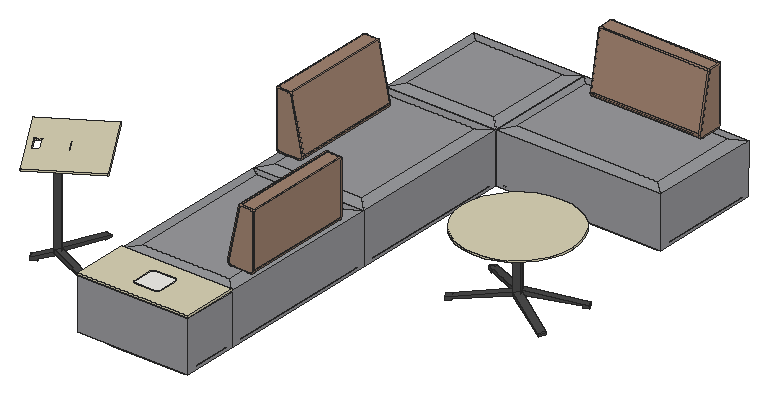
Revit family "System_Furniture-Teknion-Typical-DNA-Open_02", category Furniture Systems, Revit 2013
Parameters (values of type "DNA Open 2")
  URL = "http://teknion.com/"
  Product Page URL = "http://teknionplanningtool.com/"
  Product Line = "DNA"  # constant formula
  Model = "Open 02"  # constant formula
  Manufacturer Phone Number = "416-661-3370"  # constant formula
  Manufacturer Fax = "416.661.4586"  # constant formula
  Manufacturer Address = "1150 Flint Road, Toronto, ON. M3J 2J5. Canada"  # constant formula
  Manufacturer = "Teknion"  # constant formula
  Environmental Data = "http://www.teknion.com/about-teknion/environment/datasheets.asp"
  Description = "DNA Planning Style - Open 02"  # constant formula
  Contact Info = "http://www.teknion.com/contact/contactus.asp"
  Assembly Code = "E2020200"
  Additional Finishes = "http://www.teknion.com/fabrics-finishes/list/ff_main.html"
Reference planes (in)
  plane 1 "Center Front/Back": y = 0
  plane 2: z = 0
  plane 3 "Center Left/Right": x = 0
Dimensions and locks (in)
  aligned and locked: level to plane 2
Nested families (in)
  nested 1: "Bench-Teknion-DNA_Seat_Bench_with_Bolster" at (19.5, 13, 0), type "DNA Bench with Bolster"
    with Bolster Right no, Bolster Location 0' - 6 1/2", Bolster Left no, Bolster Center yes
  nested 2: "Table-Teknion-DNA_Laptop_Table" at (-48.36693, -65.28434, 0) x (-0.5299, 0.848, 0) z (0, 0, 1), type "DNA Freestanding Laptop"
  nested 3: "Table-Teknion-DNA_Freestanding_Coffee_Table" at (26.00223, -25.99777, 0), type "Freestanding Round Coffee Table"
  nested 4: "Seat-Teknion-DNA_SQ_Seat" at (-13, 13, 0), type "DNA SQ Seat - Bench"
  nested 5: "Bench-Teknion-DNA_Seat_Bench_with_Bolster" at (-13, -58.5, 0) x (0, -1, 0) z (0, 0, 1), type "DNA Bench with Bolster"
    with Bolster Right no, Bolster Location 0' - 6 1/2", Bolster Left no, Bolster Center yes
  nested 6: "Bench-Teknion-DNA_Seat_Bench_with_Bolster" at (-13, -19.5, 0) x (0, 1, 0) z (0, 0, 1), type "DNA Bench with Bolster"
    with Bolster Right no, Bolster Location 0' - 6 1/2", Bolster Left no, Bolster Center yes
  nested 7: "Table-Teknion-DNA_Add-On_Side_Table" at (-13, -84.5, 0) x (0, 1, 0) z (0, 0, 1), type "Add-On Side Table with Module"
Definition of nested family "Bench-Teknion-DNA_Seat_Bench_with_Bolster"
  Parameters (values of type "DNA Bench")
    Width = 3' - 3"
    Warranty = ""
    Seat Upholstery = Fabric - Teknion - S610 - Saturate Quarry
    URL = "www.teknion.com"
    Product Page URL = "http://www.teknion.com/products/seating_tables_dna/default.asp?text=2&country=us&product=dna&section=seating&subsection=soft"
    Product Name = "DNA"  # constant formula
    Product Documentation Link = "http://www.teknion.com/pricing/seating/pdfs/Teknion_dna_ppg.pdf"
    Model = if(Bolster, "NDNB", "NDNA")  # "NDNA"
    Material = ""
    Manufacturer Phone Number = ""
    Manufacturer Fax = ""
    Manufacturer Contact Information = ""
    Manufacturer Address = "1150 Flint Road, Toronto, ON. M3J 2J5. Canada"  # constant formula
    Manufacturer = "Teknion"  # constant formula
    Keynote = "125000"
    Height = 1' - 4 1/2"  # constant formula
    Environmental Data = ""
    Description = "Bench"  # constant formula
    Depth = 2' - 2"  # constant formula
    Bolster Upholstery = Fabric - Teknion - E504 - Fundamentals
    Bolster Right [instance] = no
    Bolster Location [instance] = if(Bolster Right, 0' 0", if(Bolster Left, 1' 1", if(Bolster Center, 0' 6 1/2", 0' 0")))  # 0' - 6 1/2"
    Bolster Left [instance] = no
    Bolster Center [instance] = yes
    Bolster = no
    Base Material = Paint - Teknion - 52 - Ebony
    Base Height = 0' - 4"
    Assembly Code = "E2020200"
  Types (3): name | Warranty | Model | Manufacturer Phone Number | Manufacturer Fax | Manufacturer Contact Information | Environmental Data | Bolster | Base Material
    (no name) | "" | "NDNA" | "" | "" | "" | "" | no | Paint - Teknion - 52 - Ebony
    DNA Bench | "" | "NDNA" | "" | "" | "" | "" | no | Paint - Teknion - 52 - Ebony
    DNA Bench with Bolster | "http://www.teknion.com/legal/warranty.pdf" | "NDNB" | "416-661-3370" | "416.661.4586" | "http://www.teknion.com/contact/contactus.asp" | "http://www.teknion.com/about-teknion/environment/datasheets.asp" | yes | none
  Reference planes (in)
    plane 1 "Center (Front/Back)": y = 0
    plane 2: z = 0
    plane 3 "Center (Left/Right)": x = 0
    plane 4: x = -19.5
    plane 5: x = 19.5
    plane 6: z = 4
    plane 7: z = 16.5
    plane 8: y = 13
    plane 9: y = -13
    plane 10: x = -6.79751
    plane 11: z = 0.5
    plane 12: x = 13
  Forms (in)
    Extrusion 1, solid, material "Paint - Teknion - 52 - Ebony" <- "Base Material"
      sketch origin (0, 0, 0) x (1, 0, 0) y (0, 1, 0)
        loop
          circle (-13, 6.5) r 1
        loop
          circle (13, 6.5) r 1
        loop
          circle (13, -6.50991) r 1
        loop
          circle (-13, -6.50991) r 1
      from 0 to 0.5
    Sweep 2, solid, material "Fabric - Teknion - S610 - Saturate Quarry" <- "Seat Upholstery"
      path origin (-44.2712, -180, 16.5) x (-1, 0, 0) y (0, -1, 0)
        loop
          line (-24.7712, -193) -> (-24.7712, -167) -> (-63.7712, -167) -> (-63.7712, -193) -> (-24.7712, -193)
      profile origin (0, 13, 16.5) x (0, 1, 0) y (0, 0, 1)
        loop
          line (-2.74891, 0) -> (-3, 0) -> (-3, -12.5) -> (0, -12.5) -> (0, -0.4998) -> (-2.74891, 0)
    Extrusion 3, solid, material "Fabric - Teknion - S610 - Saturate Quarry" <- "Seat Upholstery"
      sketch origin (0, 0, 0) x (1, 0, 0) y (0, 1, 0)
        loop
          line (-16.49778, 10) -> (-16.49778, -9.99891) -> (16.49891, -9.99891) -> (16.49891, 10) -> (-16.49778, 10)
      from 4 to 16.5
    SweptBlend 4, solid, material "Paint - Teknion - 52 - Ebony" <- "Base Material"
      path origin (0, 0, 0) x (1, 0, 0) y (0, 0, 1)
        loop
          line (0, 4) -> (0, 0.5)
      profile origin (0, 0, 4) x (0, -1, 0) y (1, 0, 0)
        loop
          line (-12.125, -18.625) -> (12.125, -18.625) -> (12.125, 18.625) -> (-12.125, 18.625) -> (-12.125, -18.625)
      end profile origin (0, 0, 0.5) x (0, -1, 0) y (1, 0, 0)
        loop
          line (-8.25, -14.75) -> (8.25991, -14.75) -> (8.25991, 14.75) -> (-8.25, 14.75) -> (-8.25, -14.75)
  Cuts and joins
    joined: Sweep 2, Extrusion 3
  Lines and regions (in)
    Masking region 1
      outline origin (0, 0, 0) x (1, 0, 0) y (0, 1, 0)
        loop
          line (-19.5, 13) -> (-19.5, -13) -> (19.5, -13) -> (19.5, 13) -> (-19.5, 13)
    Masking region 2, visible <- "Bolster"
      outline origin (0, 0, 0) x (1, 0, 0) y (0, 1, 0)
        loop
          line (-13, 12.75139) -> (-13, 6.96199) -> (13, 6.96199) -> (13, 12.75139) -> (-13, 12.75139)
  Dimensions and locks (in)
    equal spacing: plane 4, plane 3 "Center (Left/Right)", plane 5
    "Width": plane 4 to plane 5
    "Height": plane 7 to level
    equal spacing: plane 8, plane 1 "Center (Front/Back)", plane 9, locked at 13 each
    "Depth": plane 8 to plane 9
    plane 6 to plane 11 to plane 2 = 0' - 3 1/2" locked, 0' - 0 1/2" locked
    locked: plane 7 to Sweep 2 sketch curve at 0.4998
    plane 8 to Sweep 2 sketch curve to Sweep 2 sketch curve = 0' - 2.74891" locked, 0' - 0.25109" locked
    locked: Extrusion 3 sketch curve to plane 5 at 3.00109
    locked: plane 4 to Extrusion 3 sketch curve at 3.00222
    locked: plane 8 to Extrusion 3 sketch curve at 3
    locked: Extrusion 3 sketch curve to plane 9 at 3.00109
    Extrusion 1 sketch curve to Extrusion 1 sketch curve to plane 3 "Center (Left/Right)" to Extrusion 1 sketch curve to Extrusion 1 sketch curve = 0' - 0" locked, 1' - 1" locked, 1' - 1" locked, 0' - 0" locked
    Extrusion 1 sketch curve to Extrusion 1 sketch curve to plane 1 "Center (Front/Back)" to Extrusion 1 sketch curve to Extrusion 1 sketch curve = 0' - 0" locked, 0' - 6.50991" locked, 0' - 6 1/2" locked, 0' - 0" locked
    locked: SweptBlend 4 sketch curve to plane 9 at 0.875
    locked: plane 8 to SweptBlend 4 sketch curve at 0.875
    locked: plane 8 to SweptBlend 4 sketch curve at 4.75
    locked: SweptBlend 4 sketch curve to plane 9 at 4.74009
    "Bolster Location": plane 5 to plane 12
    plane 8 to Masking region 2 sketch curve to Masking region 2 sketch curve = 0' - 0.24861" locked, 0' - 5.78939" locked
    locked: Masking region 2 sketch curve to plane 12 at 26
    aligned and locked: plane 8 to Sweep 2 sketch curve
    aligned and locked: Sweep 2 sketch curve to plane 6
    aligned and locked: plane 7 to Extrusion 3
    aligned and locked: Extrusion 3 to plane 6
    aligned and locked: Extrusion 1 to plane 11
    aligned and locked: Extrusion 1 to plane 2
    aligned and locked: plane 11 to SweptBlend 4 sketch curve
    aligned and locked: plane 6 to SweptBlend 4 sketch curve
    aligned and locked: Masking region 1 sketch curve to cut or joined group of Sweep 2, Extrusion 3  (x4)
    aligned and locked: plane 7 to nested 1
    aligned and locked: nested 1 to plane 8
    aligned and locked: nested 1 to plane 12
    aligned and locked: Sweep 2 sketch curve to plane 5
    aligned and locked: plane 4 to Sweep 2 sketch curve
    aligned and locked: Sweep 2 sketch curve to plane 8
    aligned and locked: plane 9 to Sweep 2 sketch curve
    aligned and locked: SweptBlend 4 sketch curve to plane 3 "Center (Left/Right)"
    aligned and locked: plane 12 to Masking region 2 sketch curve
  Automatic sketch dimensions
    Sweep 2 sketch curve to plane 7 = 0' - 0"
    SweptBlend 4 sketch curve to profile plane = 1' - 6 5/8"
    SweptBlend 4 sketch curve to profile plane = 1' - 2 3/4"
    profile plane to SweptBlend 4 sketch curve = 1' - 6 5/8"
    profile plane to SweptBlend 4 sketch curve = 1' - 2 3/4"
    radius of Extrusion 1 sketch curve = 0' - 1"  (x4)
  Nested families (in)
    nested 1: "DNA Bolster" at (0, 13, 16.5), Bolster <- "Bolster", type "Bolster"
      with Bolster no
Definition of nested family "Table-Teknion-DNA_Laptop_Table"
  Parameters (values of type "DNA Freestanding Laptop")
    Width = 1' - 7.68504"
    Warranty = "http://www.teknion.com/legal/warranty.pdf"
    URL = "www.teknion.com"
    Type Comments = "DNA Table"
    Table Top Material = Flintwood - Teknion - FX - Flax
    Product Page URL = "http://www.teknion.com/products/seating_tables_dna/default.asp?text=3&country=us&product=dna&section=tables&subsection=casual"
    Product Name = "DNA"
    Product Documentation Link = "http://www.teknion.com/products/brochures/dna_ENG.pdf"
    Model = "NDNL"
    Material = ""
    Manufacturer Phone Number = "416-661-3370"  # constant formula
    Manufacturer Fax = "416.661.4586"  # constant formula
    Manufacturer Contact Information = "http://www.teknion.com/contact/contactus.asp"
    Manufacturer Address = "1150 Flint Road, Toronto, ON. M3J 2J5. Canada"  # constant formula
    Manufacturer = "Teknion"  # constant formula
    Keynote = "125000"
    Height = 2' - 0.34325"
    Foot Finish = Paint - Teknion - 52 - Ebony
    Environmental Data = "http://www.teknion.com/about-teknion/environment/datasheets.asp"
    Description = "DNA Freestanding Laptop"  # constant formula
    Depth = 1' - 4 125/256"
    Assembly Code = "E2020200"
  Reference planes (in)
    plane 1 "Center (Front/Back)": y = 0
    plane 2: z = 0
    plane 3 "Center (Left/Right)": x = 0
    plane 4: x = -9.84252
    plane 5: x = 9.84252
    plane 6 "Back": y = 8.24414
    plane 7 "Front": y = -8.24414
    plane 8: y = 7.10241
    plane 9: y = 5.44887
    plane 10: x = -2.01756
    plane 11 "Top": z = 24.33158
    plane 12: z = 23.63913
    plane 13: z = 23.95658
  Lines and regions (in)
    Masking region 1
      outline origin (0, 0, -0.01167) x (1, 0, 0) y (0, 1, 0)
        loop
          line (-9.84252, 8.24414) -> (-9.84252, -8.24414) -> (9.84252, -8.24414) -> (9.84252, 8.24414) -> (-9.84252, 8.24414)
        loop
          arc (-1.72819, 7.10241) -> (-1.93281, 7.01765) -> (-2.01756, 6.81304) r 0.28937
          line (-2.01756, 6.81304) -> (-2.01756, 5.73824)
          arc (-2.01756, 5.73824) -> (-1.9328, 5.53362) -> (-1.72819, 5.44887) r 0.28937
          line (-1.72819, 5.44887) -> (1.70882, 5.44887)
          arc (1.70882, 5.44887) -> (1.91343, 5.53362) -> (1.99819, 5.73824) r 0.28937
          line (1.99819, 5.73824) -> (1.99819, 6.81304)
          arc (1.99819, 6.81304) -> (1.91343, 7.01765) -> (1.70882, 7.10241) r 0.28937
          line (1.70882, 7.10241) -> (-1.72819, 7.10241)
    Masking region 2, detail levels fine
      outline origin (0, 0, -0.01167) x (1, 0, 0) y (0, 1, 0)
        loop
          line (-9.84252, -4.51686) -> (-10.74523, -5.28054) -> (-9.84252, -6.34759) -> (-9.84252, -4.51686)
        loop
          line (9.84252, -4.51686) -> (9.84252, -6.34759) -> (10.74523, -5.28054) -> (9.84252, -4.51686)
  Dimensions and locks (in)
    "Width": plane 4 to plane 5
    equal spacing: plane 4, plane 3 "Center (Left/Right)", plane 5, locked at 9.84252 each
    "Depth": plane 6 "Back" to plane 7 "Front"
    equal spacing: plane 6 "Back", plane 1 "Center (Front/Back)", plane 7 "Front", locked at 8.24414 each
    locked: plane 6 "Back" to plane 8 at 1.14173
    locked: plane 8 to plane 9 at 1.65354
    locked: plane 4 to plane 10 at 7.82496
    "Height": plane 11 "Top" to level
    locked: plane 11 "Top" to plane 13 at 0.375
    locked: plane 13 to plane 12 at 0.31745
    aligned: plane 1 "Center (Front/Back)" to nested 1
    aligned and locked: plane 3 "Center (Left/Right)" to nested 1
    aligned and locked: plane 4 to nested 1
    aligned and locked: plane 5 to nested 1
    aligned and locked: plane 6 "Back" to nested 1
    aligned: plane 7 "Front" to nested 1
    aligned and locked: plane 8 to nested 1
    aligned and locked: plane 10 to nested 1
    aligned and locked: plane 11 "Top" to nested 1
    aligned and locked: nested 2 to nested 1
    aligned and locked: nested 1 to nested 2
    aligned and locked: nested 2 to plane 2
    aligned and locked: nested 1 to plane 11 "Top"
    aligned and locked: plane 12 to nested 2
    aligned and locked: plane 13 to nested 1
  Automatic sketch dimensions
    Masking region 1 sketch curve to plane 4 = 0' - 0"
    Masking region 1 sketch curve to plane 5 = 0' - 0"
    Masking region 1 sketch curve to plane 7 "Front" = 0' - 0"
    Masking region 1 sketch curve to plane 6 "Back" = 0' - 0"
    Masking region 1 sketch curve to plane 10 = 0' - 0"
    Masking region 1 sketch curve to plane 8 = 0' - 0"
    Masking region 1 sketch curve to Masking region 1 sketch curve = 0' - 0.28937"  (x2)
    plane 3 "Center (Left/Right)" to Masking region 1 sketch curve = 0' - 1.70882"
    plane 9 to Masking region 1 sketch curve = 0' - 0.28937"
    Masking region 1 sketch curve to plane 9 = 0' - 0"
    Masking region 1 sketch curve to Masking region 1 sketch curve = 0' - 0"
    Masking region 2 sketch curve to plane 4 = 0' - 0"
    Masking region 2 sketch curve to plane 5 = 0' - 0"
    Masking region 2 sketch curve to plane 4 = 0' - 0.90271"
    plane 5 to Masking region 2 sketch curve = 0' - 0.90271"
    plane 1 "Center (Front/Back)" to Masking region 2 sketch curve = 0' - 4.51686"  (x2)
    Masking region 2 sketch curve to Masking region 2 sketch curve = 0' - 0.76368"  (x2)
  Nested families (in)
    nested 1: "DNA Laptop Table - Top" at (0, -0.04715, 0.00583), Table Top Finish <- "Table Top Material", type "DNA Laptop Table - Top"
      with Table Top Finish Flintwood - Teknion - FX - Flax
    nested 2: "DNA Laptop Table - Legs" at (0, -0.04715, 0.00583), Post <- "Foot Finish", type "DNA Laptop Table - Legs"
      with Post Paint - Teknion - 52 - Ebony
  Definition of nested family "DNA Laptop Table - Top"
    Parameters (values of type "DNA Laptop Table - Top")
      Table Top Finish [instance] = none
      Assembly Code = ""
    Reference planes (in)
      plane 1 "Center (Front/Back)": y = 0
      plane 2: z = 0
      plane 3 "Center (Left/Right)": x = 0
    Forms (in)
      Extrusion 1, solid, material <- "Table Top Finish"
        sketch origin (-0.00969, 0, 0) x (1, 0, 0) y (0, 1, 0)
          loop
            arc (-9.63598, 8.29129) -> (-9.77518, 8.23364) -> (-9.83283, 8.09444) r 0.19685
            line (-9.83283, 8.09444) -> (-9.83283, -8.04729)
            arc (-9.83283, -8.04729) -> (-9.77518, -8.18649) -> (-9.63598, -8.24414) r 0.19685
            line (-9.63598, -8.24414) -> (9.65563, -8.24414)
            arc (9.65563, -8.24414) -> (9.79463, -8.18657) -> (9.85221, -8.04757) r 0.19658
            line (9.85221, -8.04757) -> (9.85221, 8.09561)
            arc (9.85221, 8.09561) -> (9.79489, 8.23398) -> (9.65653, 8.29129) r 0.19568
            line (9.65653, 8.29129) -> (-9.63598, 8.29129)
          loop
            arc (-1.7185, 7.14956) -> (-1.92312, 7.0648) -> (-2.00787, 6.86019) r 0.28937
            line (-2.00787, 6.86019) -> (-2.00787, 5.78539)
            arc (-2.00787, 5.78539) -> (-1.92312, 5.58077) -> (-1.7185, 5.49602) r 0.28937
            line (-1.7185, 5.49602) -> (1.7185, 5.49602)
            arc (1.7185, 5.49602) -> (1.92312, 5.58077) -> (2.00787, 5.78539) r 0.28937
            line (2.00787, 5.78539) -> (2.00787, 6.86019)
            arc (2.00787, 6.86019) -> (1.92312, 7.0648) -> (1.7185, 7.14956) r 0.28937
            line (1.7185, 7.14956) -> (-1.7185, 7.14956)
        from 23.95075 to 24.32575
  Definition of nested family "DNA Laptop Table - Legs"
    Parameters (values of type "DNA Laptop Table - Legs")
      Post [instance] = none
      Assembly Code = ""
    Reference planes (in)
      plane 1 "Center (Front/Back)": y = 0
      plane 2: z = 0
      plane 3 "Center (Left/Right)": x = 0
      plane 4 "Legs Parallel": through (6.72118, -0.49407, 48) normal (0.6459, 0.7634, 0)
      plane 5 "Legs Perp": through (13.10352, -5.93494, 48) normal (-0.766, 0.6428, 0)
    Forms (in)
      Extrusion 1, solid, material <- "Post"
        sketch origin (0, 0, 21.44636) x (-1, 0, 0) y (0, -1, 0)
          loop
            line (2.17556, -4.46095) -> (2.17557, -0.10964) -> (-2.17246, -0.10964) -> (-2.17245, -4.46093) -> (2.17556, -4.46095)
        from 2.18693 to 2.50438
      Extrusion 2, solid, material <- "Post"
        sketch origin (0, 0, 21.44636) x (-1, 0, 0) y (0, -1, 0)
          loop
            line (0.81174, -3.07019) -> (0.03947, -1.73258)
            arc (0.03947, -1.73258) -> (0.00631, -1.71343) -> (-0.02685, -1.73258) r 0.03829
            line (-0.02685, -1.73258) -> (-0.81246, -3.09328) -> (-0.81246, -3.16544) -> (0.81174, -3.16544) -> (0.81174, -3.07019)
        from -19.64277 to 2.18693
      Extrusion 3, solid, material <- "Post"
        sketch origin (-2.5601, 3.02616, 0) x (0.763448, 0.645869, 0) y (0, 0, -1)
          loop
            line (1.36322, -2.63705) -> (1.36322, -1.79508) -> (-10.00274, -0.22235) -> (-10.0147, 0.00583) -> (-11.58351, 0.00583) -> (-11.58351, -0.38567)
            arc (-11.58351, -0.38567) -> (-11.56217, -0.42041) -> (-11.52551, -0.43824) r 0.07284
            line (-11.52551, -0.43824) -> (1.36322, -2.63705)
        from -2.60077 to -1.01922
      Extrusion 4, solid, material <- "Post"
        sketch origin (0, 0, 0) x (0, 1, 0) y (0, 0, 1)
          loop
            line (1.71019, 1.66224) -> (1.71019, 1.4681) -> (6.15639, 0.32872) -> (6.15639, -0.00583) -> (7.46558, -0.00583)
            arc (7.46558, -0.00583) -> (7.4906, -0.00437) -> (7.51528, 0) r 0.21459
            line (7.51528, 0) -> (7.51528, 0.52619)
            arc (7.51528, 0.52619) -> (7.49969, 0.57321) -> (7.4591, 0.6016) r 0.0787
            line (7.4591, 0.6016) -> (2.90659, 1.96119) -> (1.71019, 1.66224)
        from -0.8141 to 0.81246
      Extrusion 5, solid, material <- "Post"
        sketch origin (2.5601, 3.02616, 0) x (-0.763448, 0.645869, 0) y (0, 0, 1)
          loop
            line (1.33078, 2.63152) -> (-11.52551, 0.43824)
            arc (-11.52551, 0.43824) -> (-11.56217, 0.42041) -> (-11.58351, 0.38567) r 0.07284
            line (-11.58351, 0.38567) -> (-11.58351, -0.00583) -> (-10.0147, -0.00583) -> (-10.00274, 0.22235) -> (1.33078, 1.7906) -> (1.33078, 2.63152)
        from -2.60077 to -1.01922
    Cuts and joins
      joined: Extrusion 1, Extrusion 2
    Dimensions and locks (in)
      aligned and locked: cut or joined group of Extrusion 1, Extrusion 2 to Extrusion 4
Definition of nested family "Table-Teknion-DNA_Freestanding_Coffee_Table"
  Parameters (values of type "Freestanding Square Coffee Table")
    Worksurface Finish = Flintwood - Teknion - FX - Flax
    Warranty = "http://www.teknion.com/legal/warranty.pdf"
    URL = "www.teknion.com"
    Square Top = not(Circular Top)  # yes
    Radius = 1' - 0.99777"
    Product Page URL = "http://www.teknion.com/products/seating_tables_dna/default.asp?text=3&country=us&product=dna&section=tables&subsection=casual"
    Product Name = "DNA"  # constant formula
    Product Documentation Link = "http://www.teknion.com/pricing/seating/pdfs/Teknion_dna_ppg.pdf"
    Model = if(Square Top, "NDNTS", "NDNTR")  # "NDNTS"
    Material = ""
    Manufacturer Phone Number = "416-661-3370"  # constant formula
    Manufacturer Fax = "416.661.4586 "  # constant formula
    Manufacturer Contact Information = "http://www.teknion.com/contact/contactus.asp"
    Manufacturer Address = "1150 Flint Road, Toronto, ON. M3J 2J5. Canada"  # constant formula
    Manufacturer = "Teknion"  # constant formula
    Keynote = "125000"
    Height = 1' - 4.06296"
    Environmental Data = "http://www.teknion.com/about-teknion/environment/datasheets.asp"
    Description = if(Square Top, "Freestanding Square Coffee Table", "Freestanding Round Coffee Table")  # "Freestanding Square Coffee Table"
    Circular Top = no
    Base Material = Paint - Teknion - 52 - Ebony
    Assembly Code = "E2020200"
  Types (3): name | Square Top | Model | Description | Circular Top
    (no name) | yes | "NDNTS" | "Freestanding Square Coffee Table" | no
    Freestanding Round Coffee Table | no | "NDNTR" | "Freestanding Round Coffee Table" | yes
    Freestanding Square Coffee Table | yes | "NDNTS" | "Freestanding Square Coffee Table" | no
  Reference planes (in)
    plane 1 "Center (Front/Back)": y = 0
    plane 2: z = 0
    plane 3 "Center (Left/Right)": x = 0
    plane 4 "Right": x = 12.99777
    plane 5 "Top": z = 16.06296
    plane 6: z = 15.68795
    plane 7: z = 15.43791
    plane 8: z = 1.88717
    plane 9 "Left": x = -12.99777
    plane 10 "Back": y = 12.99777
    plane 11 "Front": y = -13.00223
  Forms (in)
    Extrusion 1, solid, material "Paint - Teknion - 52 - Ebony" <- "Base Material"
      sketch origin (0, 0, 0) x (1, 0, 0) y (0, 1, 0)
        loop
          line (-0.0519, 1.39986) -> (-0.83939, 0.03117)
          arc (-0.83939, 0.03117) -> (-0.84772, 0) -> (-0.83939, -0.03117) r 0.0625
          line (-0.83939, -0.03117) -> (-0.0519, -1.39986)
          arc (-0.0519, -1.39986) -> (0, -1.42988) -> (0.0519, -1.39986) r 0.05988
          line (0.0519, -1.39986) -> (0.83939, -0.03117)
          arc (0.83939, -0.03117) -> (0.84772, 0) -> (0.83939, 0.03117) r 0.0625
          line (0.83939, 0.03117) -> (0.0519, 1.39986)
          arc (0.0519, 1.39986) -> (0, 1.42988) -> (-0.0519, 1.39986) r 0.05988
      from 1.88717 to 15.43791
    Extrusion 2, solid, material "Paint - Teknion - 52 - Ebony" <- "Base Material"
      sketch origin (0, 0, 0) x (1, 0, 0) y (0, 1, 0)
        loop
          line (-3.99773, 4) -> (-3.99773, -4) -> (4.00227, -4) -> (4.00227, 4) -> (-3.99773, 4)
      from 15.43791 to 15.68795
  Lines and regions (in)
    Masking region 1, visible <- "Circular Top"
      outline origin (0, 0, 0) x (1, 0, 0) y (0, 1, 0)
        loop
          circle (0, 0) r 13
    Masking region 2, visible <- "Square Top"
      outline origin (0, 0, 0) x (1, 0, 0) y (0, 1, 0)
        loop
          line (-12.99777, 12.99777) -> (-12.99777, -13.00223) -> (12.99777, -13.00223) -> (12.99777, 12.99777) -> (-12.99777, 12.99777)
  Dimensions and locks (in)
    "Radius": plane 4 "Right" to plane 3 "Center (Left/Right)"
    "Height": plane 5 "Top" to level
    equal spacing: plane 4 "Right", plane 3 "Center (Left/Right)", plane 9 "Left", locked at 12.99777 each
    Extrusion 2 sketch curve to plane 3 "Center (Left/Right)" to Extrusion 2 sketch curve = 0' - 3.99773" locked, 0' - 4.00227" locked
    Extrusion 2 sketch curve to plane 1 "Center (Front/Back)" to Extrusion 2 sketch curve = 0' - 4" locked, 0' - 4" locked
    plane 5 "Top" to plane 6 to plane 7 = 0' - 0 3/8" locked, 0' - 0.25005" locked
    Extrusion 1 sketch curve to Extrusion 1 sketch curve to Extrusion 1 sketch curve to Extrusion 1 sketch curve to plane 3 "Center (Left/Right)" to Extrusion 1 sketch curve to Extrusion 1 sketch curve to Extrusion 1 sketch curve to Extrusion 1 sketch curve = 0' - 0" locked, 0' - 0.78749" locked, 0' - 0" locked, 0' - 0.0519" locked, 0' - 0.0519" locked, 0' - 0" locked, 0' - 0.78749" locked, 0' - 0" locked
    Extrusion 1 sketch curve to Extrusion 1 sketch curve to Extrusion 1 sketch curve to Extrusion 1 sketch curve to plane 1 "Center (Front/Back)" to Extrusion 1 sketch curve to Extrusion 1 sketch curve to Extrusion 1 sketch curve to Extrusion 1 sketch curve = 0' - 0" locked, 0' - 1.3687" locked, 0' - 0" locked, 0' - 0.03117" locked, 0' - 0.03117" locked, 0' - 0" locked, 0' - 1.3687" locked, 0' - 0" locked
    locked: nested 5 to plane 3 "Center (Left/Right)" at 0.39481
    locked: plane 3 "Center (Left/Right)" to nested 3 at 0.39481
    locked: plane 3 "Center (Left/Right)" to nested 4 at 0.39481
    locked: nested 2 to plane 3 "Center (Left/Right)" at 0.39481
    locked: plane 8 to plane 2 at 1.88717
    locked: plane 4 "Right" to Masking region 1 sketch curve at 0.00223
    locked: plane 10 "Back" to Masking region 1 sketch curve at 0.00223
    locked: plane 1 "Center (Front/Back)" to nested 5 (angle 29.9144°)
    locked: nested 3 to plane 1 "Center (Front/Back)" (angle 29.9144°)
    locked: nested 4 to plane 1 "Center (Front/Back)" (angle 29.9144°)
    locked: plane 1 "Center (Front/Back)" to nested 2 (angle 29.9144°)
    aligned and locked: plane 6 to Extrusion 2
    aligned and locked: Extrusion 2 to plane 7
    aligned and locked: plane 7 to Extrusion 1
    aligned and locked: Extrusion 1 to plane 8
    aligned and locked: plane 3 "Center (Left/Right)" to nested 1
    aligned and locked: plane 6 to nested 1
    aligned and locked: plane 1 "Center (Front/Back)" to nested 1
    aligned and locked: nested 2 to plane 2
    aligned and locked: plane 2 to nested 4
    aligned and locked: plane 2 to nested 3
    aligned and locked: nested 5 to plane 2
    aligned and locked: plane 10 "Back" to Masking region 2 sketch curve
    aligned and locked: plane 9 "Left" to Masking region 2 sketch curve
    aligned and locked: Masking region 2 sketch curve to plane 11 "Front"
    aligned and locked: Masking region 2 sketch curve to plane 4 "Right"
  Automatic sketch dimensions
    Extrusion 1 sketch curve to Extrusion 1 sketch curve = 0' - 0.05417"  (x2)
    Extrusion 1 sketch curve to Extrusion 1 sketch curve = 0' - 0.02986"  (x2)
    plane 1 "Center (Front/Back)" to Masking region 1 sketch curve = 0' - 0"
  Nested families (in)
    nested 1: "DNA Table Top" at (0, 0, 15.68795), type "DNA Table Top"
      with Circular Top no
    nested 2: "DNA Table Legs" at (-0.44721, -0.7128, 0) x (0.8668, 0.4987, 0) z (0, 0, 1), Teknion - Base <- "Base Material", type "DNA Table Legs"
      with Teknion - Base Paint - Teknion - 52 - Ebony
    nested 3: "DNA Table Legs" at (0.44721, -0.7128, 0) x (-0.8668, 0.4987, 0) z (0, 0, 1), Teknion - Base <- "Base Material", type "DNA Table Legs"
      with Teknion - Base Paint - Teknion - 52 - Ebony
    nested 4: "DNA Table Legs" at (-0.44721, 0.7128, 0) x (0.8668, -0.4987, 0) z (0, 0, 1), Teknion - Base <- "Base Material", type "DNA Table Legs"
      with Teknion - Base Paint - Teknion - 52 - Ebony
    nested 5: "DNA Table Legs" at (0.44721, 0.7128, 0) x (-0.8668, -0.4987, 0) z (0, 0, 1), Teknion - Base <- "Base Material", type "DNA Table Legs"
      with Teknion - Base Paint - Teknion - 52 - Ebony
  Definition of nested family "DNA Table Top"
    Parameters (values of type "DNA Table Top")
      Table Top = none
      Square Top = yes
      Circular Top = yes
    Reference planes (in)
      plane 1 "Center (Front/Back)": y = 0
      plane 2: z = 0
      plane 3 "Center (Left/Right)": x = 0
      plane 4: z = 0.375
    Forms (in)
      Extrusion 1, solid, material <- "Table Top", visible <- "Circular Top"
        sketch origin (0, 0, 0) x (1, 0, 0) y (0, 1, 0)
          loop
            circle (0, 0) r 13
        from 0 to 0.375
      Extrusion 2, solid, material <- "Table Top", visible <- "Square Top"
        sketch origin (0, 0, 0) x (1, 0, 0) y (0, 1, 0)
          loop
            line (-13, 13) -> (-13, -12.99999) -> (13, -12.99999) -> (13, 13) -> (-13, 13)
        from 0 to 0.375
    Dimensions and locks (in)
      locked: plane 4 to plane 2 at 0.375
      aligned and locked: plane 2 to level
      aligned and locked: Extrusion 1 to plane 2
      aligned and locked: plane 4 to Extrusion 1
      aligned and locked: Extrusion 2 to plane 2
      aligned and locked: plane 4 to Extrusion 2
  Definition of nested family "DNA Table Legs"
    Parameters (values of type "DNA Table Legs")
      Teknion - Base [instance] = none
      Assembly Code = ""
    Reference planes (in)
      plane 1 "Center (Front/Back)": y = 0
      plane 2: z = 0
      plane 3 "Center (Left/Right)": x = 0
    Forms (in)
      Extrusion 1, solid, material <- "Teknion - Base"
        sketch origin (12.13224, -11.193, 0.02526) x (-1, 0, 0) y (0, 0, 1)
          loop
            line (12.13224, 2.77134) -> (12.13224, 1.86192) -> (23.56659, 0.36249) -> (23.56659, -0.02526) -> (24.88023, -0.02526) -> (24.88023, 0.53152)
            arc (24.88023, 0.53152) -> (24.85885, 0.58252) -> (24.81053, 0.60943) r 0.08464
            line (24.81053, 0.60943) -> (12.13224, 2.77134)
        from 10.40659 to 11.9794
Definition of nested family "Seat-Teknion-DNA_SQ_Seat"
  Parameters (values of type "DNA SQ Seat - Bench")
    Width = 2' - 2"
    Warranty = "http://www.teknion.com/legal/warranty.pdf"
    URL = "www.teknion.com"
    Seat Material = Fabric - Teknion - S610 - Saturate Quarry
    Product Page URL = "http://www.teknion.com/products/seating_tables_dna/default.asp?text=2&country=us&product=dna&section=seating&subsection=soft"
    Product Name = "DNA"  # constant formula
    Product Documentation Link = "http://www.teknion.com/products/brochures/dna_ENG.pdf"
    Model = "NDNS"
    Material = ""
    Manufacturer Phone Number = "416-661-3370"  # constant formula
    Manufacturer Fax = "416.661.4586"  # constant formula
    Manufacturer Contact Information = "http://www.teknion.com/contact/contactus.asp"
    Manufacturer Address = "1150 Flint Road, Toronto, ON. M3J 2J5. Canada"  # constant formula
    Manufacturer = "Teknion"  # constant formula
    Keynote = "125000"
    Height = 1' - 4 1/2"  # constant formula
    Environmental Data = "http://www.teknion.com/legal/warranty.pdf"
    Description = "DNA SQ Seat - Bench"  # constant formula
    Depth = 2' - 2"  # constant formula
    Base Material = Paint - Teknion - 52 - Ebony
    Base Height = 0' - 4"
    Assembly Code = "E2020200"
  Reference planes (in)
    plane 1 "Center (Front/Back)": y = 0
    plane 2: z = 0
    plane 3 "Center (Left/Right)": x = 0
    plane 4 "Left": x = -13
    plane 5 "Right": x = 13
    plane 6: z = 4
    plane 7 "Top": z = 16.5
    plane 8 "Back": y = 13
    plane 9 "Front": y = -13
  Forms (in)
    Extrusion 1, solid, material "Fabric - Teknion - S610 - Saturate Quarry" <- "Seat Material"
      sketch origin (-6.48682, -1.03944, 4.54207) x (0, 1, 0) y (0, 0, 1)
        loop
          line (14.03944, -0.54207) -> (14.03944, 11.45793) -> (-11.96056, 11.45793) -> (-11.96056, -0.54207) -> (14.03944, -0.54207)
      from -6.51318 to 19.48682
    Extrusion 2, solid, material "Fabric - Teknion - S610 - Saturate Quarry" <- "Seat Material"
      sketch origin (0, 0.24147, 0.0004) x (0, 1, 0) y (0, 0, 1)
        loop
          line (12.75853, 16) -> (10.00853, 16.5) -> (-10.49147, 16.5) -> (-13.24147, 16) -> (12.75853, 16)
      from -13 to 13
    Extrusion 3, void
      sketch origin (12, 0, 0) x (1, 0, 0) y (0, 0, 1)
        loop
          line (-1.75, 16.5) -> (1, 16) -> (1, 16.5) -> (-1.75, 16.5)
      from -13 to 13
    Extrusion 4, void
      sketch origin (-13.0795, 0, 0) x (1, 0, 0) y (0, 0, 1)
        loop
          line (0.0795, 16) -> (2.8295, 16.5) -> (0.0795, 16.5) -> (0.0795, 16)
      from -13 to 13
    Extrusion 5, solid, material "Paint - Teknion - 52 - Ebony" <- "Base Material"
      sketch origin (0, 0, 0) x (1, 0, 0) y (0, 1, 0)
        loop
          circle (-6.5, 6.5) r 1
        loop
          circle (6.5, 6.5) r 1
        loop
          circle (6.5, -6.50991) r 1
        loop
          circle (-6.5, -6.50991) r 1
      from 0 to 0.5
    Blend 6, solid, material "Paint - Teknion - 52 - Ebony" <- "Base Material"
      base sketch origin (0, 0, 0) x (1, 0, 0) y (0, 1, 0)
        loop
          line (-8.25, 8.25) -> (-8.25, -8.25991) -> (8.25, -8.25991) -> (8.25, 8.25) -> (-8.25, 8.25)
      top sketch origin (0, 0, 0) x (1, 0, 0) y (0, 1, 0)
        loop
          line (-12.125, 12.125) -> (-12.125, -12.125) -> (12.125, -12.125) -> (12.125, 12.125) -> (-12.125, 12.125)
      from 0.5 to 4
  Cuts and joins
    Extrusion 3, Extrusion 4 cuts Extrusion 1
    Extrusion 3, Extrusion 4 cuts Extrusion 2
    joined: Extrusion 1, Extrusion 2
  Lines and regions (in)
    Masking region 1
      outline origin (0, 0, 0) x (1, 0, 0) y (0, 1, 0)
        loop
          line (-13, 13) -> (-13, -13.00109) -> (12.99887, -13.00109) -> (12.99887, 13) -> (-13, 13)
    symbolic lines, detail levels fine
      curve 1: line (-12.99887, 13.00109, 0) -> (-10.24778, 10.25, 0)
      curve 2: line (10.24778, 10.25, 0) -> (12.99887, 13.00109, 0)
      curve 3: line (-10.24778, -10.25, 0) -> (-12.99887, -13.00109, 0)
      curve 4: line (12.99887, -13.00109, 0) -> (10.24778, -10.25, 0)
    symbolic lines, detail levels medium+fine
      curve 5: line (-10.24778, 10.25, 0) -> (10.24778, 10.25, 0)
      curve 6: line (-10.24778, -10.25, 0) -> (-10.24778, 10.25, 0)
      curve 7: line (10.24778, -10.25, 0) -> (-10.24778, -10.25, 0)
      curve 8: line (10.24778, 10.25, 0) -> (10.24778, -10.25, 0)
  Dimensions and locks (in)
    equal spacing: plane 4 "Left", plane 3 "Center (Left/Right)", plane 5 "Right"
    "Width": plane 4 "Left" to plane 5 "Right"
    "Base Height": plane 6 to level
    "Height": plane 7 "Top" to level
    equal spacing: plane 8 "Back", plane 1 "Center (Front/Back)", plane 9 "Front"
    "Depth": plane 8 "Back" to plane 9 "Front"
    locked: plane 8 "Back" to Blend 6 sketch curve at 4.75
    locked: Blend 6 sketch curve to plane 9 "Front" at 4.74009
    locked: plane 4 "Left" to Blend 6 sketch curve at 4.75
    locked: Blend 6 sketch curve to plane 5 "Right" at 4.75
    locked: plane 8 "Back" to Blend 6 sketch curve at 0.875
    locked: Blend 6 sketch curve to plane 9 "Front" at 0.875
    locked: plane 4 "Left" to Blend 6 sketch curve at 0.875
    locked: Blend 6 sketch curve to plane 5 "Right" at 0.875
    locked: Blend 6 to Extrusion 5 sketch curve at 1.75  (x2)
    locked: Extrusion 5 sketch curve to Blend 6 at 1.75  (x6)
    plane 6 to Extrusion 1 sketch curve = 1' - 0"
    cut or joined group of Extrusion 1, Extrusion 2, Extrusion 3, Extrusion 4 to plane 1 "Center (Front/Back)" = 1' - 1"
    plane 1 "Center (Front/Back)" to cut or joined group of Extrusion 1, Extrusion 2, Extrusion 3, Extrusion 4 = 1' - 1"
    Extrusion 1 sketch curve to plane 1 "Center (Front/Back)" to Extrusion 1 sketch curve = 1' - 1" locked, 1' - 1" locked  (x2)
    locked: Extrusion 1 sketch curve to plane 6 at 12
    Extrusion 2 sketch curve to plane 1 "Center (Front/Back)" to Extrusion 2 sketch curve = 1' - 1" locked, 1' - 1" locked
    Extrusion 2 sketch curve to Extrusion 2 sketch curve to plane 6 = 0' - 0 1/2" locked, 1' - 0.0004" locked
    plane 6 to Extrusion 3 sketch curve to Extrusion 3 sketch curve to Extrusion 3 sketch curve = 1' - 0" locked, 0' - 0 1/2" locked, 0' - 0" locked
    locked: Extrusion 3 sketch curve to plane 3 "Center (Left/Right)" at 13
    plane 6 to Extrusion 4 sketch curve to Extrusion 4 sketch curve to Extrusion 4 sketch curve = 1' - 0" locked, 0' - 0 1/2" locked, 0' - 0" locked
    locked: plane 3 "Center (Left/Right)" to Extrusion 4 sketch curve at 13
    plane 6 to Extrusion 4 sketch curve = 1' - 0 1/2"
    aligned and locked: Extrusion 1 to plane 4 "Left"
    aligned and locked: plane 5 "Right" to Extrusion 1
    aligned and locked: plane 5 "Right" to cut or joined group of Extrusion 1, Extrusion 2, Extrusion 3, Extrusion 4
    aligned and locked: Extrusion 2 to Extrusion 1
    aligned and locked: Extrusion 1 to plane 9 "Front"
    aligned and locked: plane 8 "Back" to Extrusion 1
    aligned and locked: Extrusion 1 to Extrusion 3  (x2)
    aligned and locked: Extrusion 4 to Extrusion 1
    aligned and locked: Extrusion 1 to Extrusion 4
  Automatic sketch dimensions
    Extrusion 2 sketch curve to Extrusion 2 sketch curve = 0' - 2 3/4"  (x2)
    Extrusion 3 sketch curve to Extrusion 3 sketch curve = 0' - 2 3/4"
    Extrusion 4 sketch curve to Extrusion 4 sketch curve = 0' - 2 3/4"
    Extrusion 1 sketch curve to plane 6 = 0' - 0"
    Masking region 1 sketch curve to plane 4 "Left" = 0' - 0"
    Masking region 1 sketch curve to plane 8 "Back" = 0' - 0"
    Masking region 1 sketch curve to plane 5 "Right" = 0' - 0.00113"
    Masking region 1 sketch curve to plane 9 "Front" = 0' - 0.00109"
    plane 4 "Left" to curve 3 = 0' - 2.75222"
    plane 4 "Left" to curve 3 = 0' - 0.00113"
    plane 4 "Left" to curve 1 = 0' - 0.00113"
    curve 5 to plane 5 "Right" = 0' - 2.75222"
    curve 4 to plane 5 "Right" = 0' - 0.00113"
    curve 2 to plane 5 "Right" = 0' - 0.00113"
    plane 9 "Front" to curve 3 = 0' - 2 3/4"
    curve 4 to plane 9 "Front" = 0' - 0.00109"
    curve 3 to plane 9 "Front" = 0' - 0.00109"
    curve 5 to plane 8 "Back" = 0' - 2 3/4"
    plane 8 "Back" to curve 2 = 0' - 0.00109"
    plane 8 "Back" to curve 1 = 0' - 0.00109"
    radius of Extrusion 5 sketch curve = 0' - 1"  (x4)
Definition of nested family "Table-Teknion-DNA_Add-On_Side_Table"
  Parameters (values of type "Add-On Side Table with Module")
    Width = 2' - 2"  # constant formula
    Warranty = "http://www.teknion.com/legal/warranty.pdf"
    URL = "www.teknion.com"
    Surface Material = Flintwood - Teknion - FX - Flax
    Product Page URL = "http://www.teknion.com/products/seating_tables_dna/default.asp?country=us"
    Product Name = "DNA"  # constant formula
    Product Documentation Link = "http://www.teknion.com/pricing/seating/pdfs/Teknion_dna_ppg.pdf"
    Model = if(Data Electrical Module, "NDNM-D", "NDNM-N")  # "NDNM-D"
    Material = ""
    Manufacturer Phone Number = "416-661-3370"  # constant formula
    Manufacturer Fax = "416.661.4586"  # constant formula
    Manufacturer Contact Information = "http://www.teknion.com/contact/contactus.asp"
    Manufacturer Address = "1150 Flint Road, Toronto, ON. M3J 2J5. Canada"  # constant formula
    Manufacturer = "Teknion"  # constant formula
    Keynote = "125000"
    Height = 1' - 4 1/2"  # constant formula
    Frame Finish = Fabric - Teknion - S610 - Saturate Quarry
    Environmental Data = "http://www.teknion.com/about-teknion/environment/datasheets.asp"
    Description = "Add on Side Table"  # constant formula
    Depth = 1' - 1"  # constant formula
    Data Electrical Module = yes
    Base Material = Paint - Teknion - 52 - Ebony
    Assembly Code = "E2020200"
  Types (2): name | Warranty | Surface Material | Model | Manufacturer Contact Information | Frame Finish | Environmental Data | Data Electrical Module | Base Material
    Add-On Side Table | "" | none | "NDNM-N" | "" | none | "" | no | none
    Add-On Side Table with Module | "http://www.teknion.com/legal/warranty.pdf" | Flintwood - Teknion - FX - Flax | "NDNM-D" | "http://www.teknion.com/contact/contactus.asp" | Fabric - Teknion - S610 - Saturate Quarry | "http://www.teknion.com/about-teknion/environment/datasheets.asp" | yes | Paint - Teknion - 52 - Ebony
  Reference planes (in)
    plane 1 "Center (Front/Back)": y = 0
    plane 2: z = 0
    plane 3 "Center (Left/Right)": x = 0
    plane 4 "Back": y = 13
    plane 5 "Front": y = -13
    plane 6 "Left": x = -6.5
    plane 7 "Right": x = 6.5
    plane 8: y = 6.5
    plane 9: y = -6.5
    plane 10 "Top": z = 16.5
    plane 11: z = 16.125
    plane 12: z = 15.75
    plane 13: z = 4
    plane 14: z = 13
    plane 15: z = 0.5
    plane 16: x = -5.75
    plane 17: x = 5.625
    plane 18: x = -1.86286
    plane 19: x = 1.73786
  Forms (in)
    Extrusion 1, solid, material "Fabric - Teknion - S610 - Saturate Quarry" <- "Frame Finish"
      sketch origin (0, 0, 0) x (1, 0, 0) y (0, 1, 0)
        loop
          line (-6.5, 13) -> (-6.5, -13) -> (6.5, -13) -> (6.5, 13) -> (-6.5, 13)
      from 4 to 15.75
    Extrusion 2, solid, material "Paint - Teknion - 52 - Ebony" <- "Base Material"
      sketch origin (0, 0, 0) x (1, 0, 0) y (0, 1, 0)
        loop
          circle (0.00287, 6.50467) r 1
        loop
          circle (0.00287, -6.49533) r 1
      from 0 to 0.5
    SweptBlend 3, solid, material "Paint - Teknion - 52 - Ebony" <- "Base Material"
      path origin (0, 0, 0) x (0, 1, 0) y (0, 0, 1)
        loop
          line (0, 4) -> (0, 0.5)
      profile origin (0, 0, 4) x (1, 0, 0) y (0, 1, 0)
        loop
          line (-5.75, 12.125) -> (-5.75, -12.125) -> (5.625, -12.125) -> (5.625, 12.125) -> (-5.75, 12.125)
      end profile origin (0, 0, 0.5) x (1, 0, 0) y (0, 1, 0)
        loop
          line (-1.86286, 8.23786) -> (-1.86286, -8.23786) -> (1.73786, -8.23786) -> (1.73786, 8.23786) -> (-1.86286, 8.23786)
  Lines and regions (in)
    Masking region 1
      outline origin (0, 0, 0) x (1, 0, 0) y (0, 1, 0)
        loop
          line (-6.5, 13) -> (-6.5, -13) -> (6.5, -13) -> (6.5, 13) -> (-6.5, 13)
    Masking region 2, visible <- "Data Electrical Module"
      outline origin (0, 0, 0) x (1, 0, 0) y (0, 1, 0)
        loop
          line (-3.0625, 2.3125) -> (-3.0625, -2.3125)
          arc (-3.0625, -2.3125) -> (-2.84283, -2.84283) -> (-2.3125, -3.0625) r 0.75
          line (-2.3125, -3.0625) -> (2.3125, -3.0625)
          arc (2.3125, -3.0625) -> (2.84283, -2.84283) -> (3.0625, -2.3125) r 0.75
          line (3.0625, -2.3125) -> (3.0625, 2.3125)
          arc (3.0625, 2.3125) -> (2.84283, 2.84283) -> (2.3125, 3.0625) r 0.75
          line (2.3125, 3.0625) -> (-2.3125, 3.0625)
          arc (-2.3125, 3.0625) -> (-2.84283, 2.84283) -> (-3.0625, 2.3125) r 0.75
  Dimensions and locks (in)
    "Width": plane 4 "Back" to plane 5 "Front"
    "Depth": plane 6 "Left" to plane 7 "Right"
    equal spacing: plane 6 "Left", plane 3 "Center (Left/Right)", plane 7 "Right", locked at 6.5 each
    equal spacing: plane 4 "Back", plane 1 "Center (Front/Back)", plane 5 "Front", locked at 13 each
    "Height": level to plane 10 "Top"
    plane 14 to plane 10 "Top" = 0' - 3 1/2"
    plane 12 to plane 11 to plane 10 "Top" = 0' - 0 3/8" locked, 0' - 0 3/8" locked
    plane 13 to plane 15 to plane 2 = 0' - 3 1/2" locked, 0' - 0 1/2" locked
    plane 3 "Center (Left/Right)" to Extrusion 2 sketch curve to Extrusion 2 sketch curve = 0' - 1.00287" locked, 0' - 0" locked
    locked: Extrusion 2 sketch curve to plane 8 at 1.00467
    locked: Extrusion 2 sketch curve to plane 9 at 0.99533
    locked: plane 9 to plane 5 "Front" at 6.5
    locked: plane 4 "Back" to plane 8 at 6.5
    locked: plane 2 to level at 0
    Masking region 2 sketch curve to Masking region 2 sketch curve to Masking region 2 sketch curve to plane 3 "Center (Left/Right)" to Masking region 2 sketch curve to Masking region 2 sketch curve to Masking region 2 sketch curve = 0' - 0 3/4" locked, 0' - 0" locked, 0' - 2 5/16" locked, 0' - 2 5/16" locked, 0' - 0" locked, 0' - 0 3/4" locked
    Masking region 2 sketch curve to Masking region 2 sketch curve to Masking region 2 sketch curve to plane 1 "Center (Front/Back)" to Masking region 2 sketch curve to Masking region 2 sketch curve to Masking region 2 sketch curve = 0' - 0 3/4" locked, 0' - 0" locked, 0' - 2 5/16" locked, 0' - 2 5/16" locked, 0' - 0" locked, 0' - 0 3/4" locked
    aligned and locked: plane 15 to SweptBlend 3 sketch curve
    aligned and locked: plane 13 to SweptBlend 3 sketch curve
    aligned and locked: SweptBlend 3 sketch curve to plane 1 "Center (Front/Back)"
    aligned and locked: plane 18 to SweptBlend 3 sketch curve
    aligned and locked: SweptBlend 3 sketch curve to plane 19
    aligned and locked: plane 16 to SweptBlend 3 sketch curve
    aligned and locked: SweptBlend 3 sketch curve to plane 17
    aligned and locked: Extrusion 1 sketch curve to plane 7 "Right"
    aligned and locked: Extrusion 1 sketch curve to plane 4 "Back"
    aligned and locked: plane 6 "Left" to Extrusion 1 sketch curve
    aligned and locked: plane 5 "Front" to Extrusion 1 sketch curve
    aligned and locked: Extrusion 1 to plane 12
    aligned and locked: Extrusion 1 to plane 13
    aligned and locked: plane 3 "Center (Left/Right)" to nested 1
    aligned and locked: plane 1 "Center (Front/Back)" to nested 1
    aligned and locked: nested 1 to Extrusion 1
  Automatic sketch dimensions
    Masking region 1 sketch curve to plane 5 "Front" = 0' - 0"
    Masking region 1 sketch curve to plane 6 "Left" = 0' - 0"
    Masking region 1 sketch curve to plane 7 "Right" = 0' - 0"
    Masking region 1 sketch curve to plane 4 "Back" = 0' - 0"
    plane 3 "Center (Left/Right)" to Extrusion 2 sketch curve = 0' - 0.00287"  (x2)
    profile plane to SweptBlend 3 sketch curve = 0' - 8.23786"
    profile plane to SweptBlend 3 sketch curve = 1' - 0 1/8"
    SweptBlend 3 sketch curve to profile plane = 0' - 8.23786"
    SweptBlend 3 sketch curve to profile plane = 1' - 0 1/8"
  Nested families (in)
    nested 1: "DNA Side Table Top" at (0, 0, 15.125), Data Electrical Module <- "Data Electrical Module", type "Add-On Side Table"
      with No Data Electrical Module no, Data Electrical Module yes
  Definition of nested family "DNA Side Table Top"
    Parameters (values of type "Add-On Side Table")
      Width = 2' - 2"  # constant formula
      URL = ""
      Surface Material = none
      No Data Electrical Module [instance] = not(Data Electrical Module)  # no
      Model = "DNA"  # constant formula
      Manufacturer = "Teknion"  # constant formula
      Keynote = ""
      Description = ""
      Depth = 1' - 1"  # constant formula
      Data Electrical Module [instance] = yes
      Catalog = ""
      Base Material = none
      Assembly Code = ""
    Reference planes (in)
      plane 1 "Center (Front/Back)": y = 0
      plane 2: z = 1
      plane 3 "Center (Left/Right)": x = 0
      plane 4 "Back": y = 13
      plane 5 "Front": y = -13
      plane 6 "Left": x = -6.5
      plane 7 "Right": x = 6.5
      plane 8 "Top": z = 1.375
      plane 9: z = 1
      plane 10: z = 0.625
      plane 11: z = -3.125
      plane 12: y = -3
      plane 13: y = 3
      plane 14: x = -3
      plane 15: x = 3
    Forms (in)
      Extrusion 1, solid, material <- "Surface Material", visible <- "Data Electrical Module"
        sketch origin (0, 0, 1) x (1, 0, 0) y (0, 1, 0)
          loop
            line (-5.625, 12.125) -> (-5.625, -12.125) -> (5.625, -12.125) -> (5.625, 12.125) -> (-5.625, 12.125)
          loop
            line (2.25, 3) -> (-2.25, 3)
            arc (-2.25, 3) -> (-2.78033, 2.78033) -> (-3, 2.25) r 0.75
            line (-3, 2.25) -> (-3, -2.25)
            arc (-3, -2.25) -> (-2.78033, -2.78033) -> (-2.25, -3) r 0.75
            line (-2.25, -3) -> (2.25, -3)
            arc (2.25, -3) -> (2.78033, -2.78033) -> (3, -2.25) r 0.75
            line (3, -2.25) -> (3, 2.25)
            arc (3, 2.25) -> (2.78033, 2.78033) -> (2.25, 3) r 0.75
        from 0 to 0.375
      Extrusion 2, solid, material <- "Base Material", visible <- "Data Electrical Module"
        sketch origin (-15.77849, 1.19725, 1) x (1, 0, 0) y (0, 1, 0)
          loop
            arc (13.52849, 1.80275) -> (12.99816, 1.58308) -> (12.77849, 1.05275) r 0.75
            line (12.77849, 1.05275) -> (12.77849, -3.44725)
            arc (12.77849, -3.44725) -> (12.99816, -3.97758) -> (13.52849, -4.19725) r 0.75
            line (13.52849, -4.19725) -> (18.02849, -4.19725)
            arc (18.02849, -4.19725) -> (18.55882, -3.97758) -> (18.77849, -3.44725) r 0.75
            line (18.77849, -3.44725) -> (18.77849, 1.05275)
            arc (18.77849, 1.05275) -> (18.55882, 1.58308) -> (18.02849, 1.80275) r 0.75
            line (18.02849, 1.80275) -> (13.52849, 1.80275)
        from -4.125 to 0.375
      Sweep 3, solid, material <- "Surface Material", visible <- "Data Electrical Module"
        path origin (0, 0, 1) x (1, 0, 0) y (0, 1, 0)
          loop
            line (-6.5, 13) -> (-6.5, -13) -> (6.5, -13) -> (6.5, 13) -> (-6.5, 13)
        profile origin (0, 13, 1) x (0, 1, 0) y (0, 0, 1)
          loop
            line (0, 0.375) -> (-0.875, 0.375) -> (-0.875, -0.375) -> (-0.5, -0.375) -> (-0.5, 0) -> (0, 0) -> (0, 0.375)
      Sweep 4, solid, material <- "Surface Material", visible <- "No Data Electrical Module"
        path origin (0, 0, 1) x (1, 0, 0) y (0, 1, 0)
          loop
            line (-6.5, 13) -> (-6.5, -13) -> (6.5, -13) -> (6.5, 13) -> (-6.5, 13)
        profile origin (0, 13, 1) x (0, 1, 0) y (0, 0, 1)
          loop
            line (0, 0.375) -> (-0.875, 0.375) -> (-0.875, -0.375) -> (-0.5, -0.375) -> (-0.5, 0) -> (0, 0) -> (0, 0.375)
      Extrusion 5, solid, material <- "Surface Material", visible <- "No Data Electrical Module"
        sketch origin (0, 0, 1) x (1, 0, 0) y (0, 1, 0)
          loop
            line (-5.625, 12.125) -> (-5.625, -12.125) -> (5.625, -12.125) -> (5.625, 12.125) -> (-5.625, 12.125)
        from 0 to 0.375
    Cuts and joins
      joined: Extrusion 1, Sweep 3
      joined: Sweep 4, Extrusion 5
    Lines and regions (in)
      model lines, visible <- "Data Electrical Module"
        curve 1: arc (-2.875, 2.25, 1.375) -> (-2.69194, 2.69194, 1.375) -> (-2.25, 2.875, 1.375) r 0.625
        curve 2: line (-2.25, 2.875, 1.375) -> (2.25, 2.875, 1.375)
        curve 3: line (-2.875, 2.25, 1.375) -> (-2.875, -2.25, 1.375)
        curve 4: line (-2.875, 2.125, 1.375) -> (2.875, 2.125, 1.375)
        curve 5: line (-2.875, 2.0625, 1.375) -> (2.875, 2.0625, 1.375)
        curve 6: line (2.875, 2, 1.375) -> (-2.875, 2, 1.375)
        curve 7: line (-2.875, -1.75, 1.375) -> (2.875, -1.75, 1.375)
        curve 8: line (2.875, -2, 1.375) -> (-2.875, -2, 1.375)
        curve 9: arc (2.25, 2.875, 1.375) -> (2.69194, 2.69194, 1.375) -> (2.875, 2.25, 1.375) r 0.625
        curve 10: line (2.875, 2.25, 1.375) -> (2.875, -2.25, 1.375)
        curve 11: arc (2.875, -2.25, 1.375) -> (2.69194, -2.69194, 1.375) -> (2.25, -2.875, 1.375) r 0.625
        curve 12: line (2.25, -2.875, 1.375) -> (-2.25, -2.875, 1.375)
        curve 13: arc (-2.25, -2.875, 1.375) -> (-2.69194, -2.69194, 1.375) -> (-2.875, -2.25, 1.375) r 0.625
    Dimensions and locks (in)
      "Width": plane 4 "Back" to plane 5 "Front"
      "Depth": plane 6 "Left" to plane 7 "Right"
      equal spacing: plane 6 "Left", plane 3 "Center (Left/Right)", plane 7 "Right", locked at 6.5 each
      equal spacing: plane 4 "Back", plane 1 "Center (Front/Back)", plane 5 "Front", locked at 13 each
      locked: Extrusion 1 sketch curve to plane 5 "Front" at 0.875
      locked: plane 4 "Back" to Extrusion 1 sketch curve at 0.875
      locked: Extrusion 1 sketch curve to plane 7 "Right" at 0.875
      locked: plane 6 "Left" to Extrusion 1 sketch curve at 0.875
      locked: plane 2 to level at 0
      plane 8 "Top" to plane 9 to plane 10 to plane 11 = 0' - 0 3/8", 0' - 0 3/8", 0' - 3 3/4"
      equal spacing: plane 13, plane 1 "Center (Front/Back)", plane 12, locked at 3 each
      equal spacing: plane 14, plane 3 "Center (Left/Right)", plane 15, locked at 3 each
      aligned and locked: plane 8 "Top" to Extrusion 2
      aligned and locked: plane 4 "Back" to Sweep 3 sketch curve
      aligned and locked: plane 9 to cut or joined group of Extrusion 1, Sweep 3
      aligned and locked: cut or joined group of Extrusion 1, Sweep 3 to plane 8 "Top"
    Automatic sketch dimensions
      curve 13 to curve 8 = 0' - 0 1/4"
      curve 8 to curve 7 = 0' - 0 1/4"
      curve 6 to curve 9 = 0' - 0 1/4"
      curve 6 to curve 5 = 0' - 0 1/16"
      curve 5 to curve 4 = 0' - 0 1/16"
      curve 12 to Extrusion 2 = 0' - 0 3/4"
      curve 9 to curve 9 = 0' - 0 5/8"
      Sweep 3 sketch curve to plane 5 "Front" = 0' - 0"
      Sweep 3 sketch curve to plane 6 "Left" = 0' - 0"
      Sweep 3 sketch curve to plane 7 "Right" = 0' - 0"
      Sweep 3 sketch curve to plane 4 "Back" = 0' - 0"
      profile plane to Sweep 3 sketch curve = 0' - 0 1/2"
      Sweep 3 sketch curve to Sweep 3 sketch curve = 0' - 0 3/8"
      Sweep 3 sketch curve to plane 2 = 0' - 0"
      Sweep 3 sketch curve to plane 2 = 0' - 0 3/8"
      plane 2 to Sweep 3 sketch curve = 0' - 0 3/8"
      Sweep 4 sketch curve to plane 6 "Left" = 0' - 0"
      Sweep 4 sketch curve to plane 7 "Right" = 0' - 0"
      Sweep 4 sketch curve to plane 4 "Back" = 2' - 2"
      Sweep 4 sketch curve to Sweep 4 sketch curve = 2' - 2"
      Sweep 4 sketch curve to plane 2 = 0' - 0"
      Sweep 4 sketch curve to profile plane = 0' - 0"
      profile plane to Sweep 4 sketch curve = 0' - 0 1/2"
      Sweep 4 sketch curve to Sweep 4 sketch curve = 0' - 0 3/8"
      Sweep 4 sketch curve to plane 2 = 0' - 0 3/8"
      plane 2 to Sweep 4 sketch curve = 0' - 0 3/8"
      plane 6 "Left" to Extrusion 5 sketch curve = 0' - 0 7/8"
      Extrusion 5 sketch curve to plane 7 "Right" = 0' - 0 7/8"
      plane 5 "Front" to Extrusion 5 sketch curve = 0' - 0 7/8"
      Extrusion 5 sketch curve to plane 4 "Back" = 0' - 0 7/8"
      Extrusion 2 sketch curve to plane 14 = 0' - 0"
      plane 15 to Extrusion 2 sketch curve = 0' - 0 3/4"  (x2)
      Extrusion 2 sketch curve to plane 12 = 0' - 0"
      plane 14 to Extrusion 2 sketch curve = 0' - 0 3/4"  (x2)
      Extrusion 2 sketch curve to plane 13 = 0' - 0"
      Extrusion 2 sketch curve to plane 15 = 0' - 0"
      Extrusion 1 sketch curve to plane 14 = 0' - 0"
      plane 15 to Extrusion 1 sketch curve = 0' - 0 3/4"  (x2)
      Extrusion 1 sketch curve to plane 12 = 0' - 0"
      plane 14 to Extrusion 1 sketch curve = 0' - 0 3/4"  (x2)
      Extrusion 1 sketch curve to plane 13 = 0' - 0"
      Extrusion 1 sketch curve to plane 15 = 0' - 0"
      radius of curve 1 to Extrusion 2 = 0' - 0 1/8"
      radius of curve 11 to Extrusion 2 = 0' - 0 1/8"
